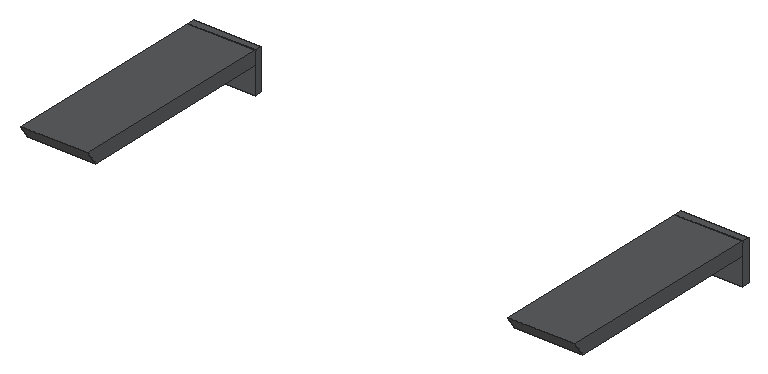
Revit family "Countertop-Supports_Centerline-Brackets_Standard-Plus-Bracket", category Casework, Revit 2026
Family settings
  Classification Number = 23.40.35.11
  Work Plane-Based = No
  Always vertical = Yes
  Cut with Voids When Loaded = No
  Shared = No
  Room Calculation Point = No
Parameters (values of type "Load Type Catalog!")
  Width [instance] = Span  # 20 1/2"
  URL = "https://www.countertopbracket.com"
  Span [instance] = if(Number of Brackets = 1, 2 1/2", (Bracket Spacing * (Number of Brackets - 1)) + 2 1/2")  # 20 1/2"
  Product data url = "https://www.bimobject.com/centerline_brackets/product/standard-plus-bracket"
  Product Material = Centerline Brackets - Steel - Powder Coated - Black (B)
  Placement Height [instance] = 36"
  No of Brackets Control [instance] = if(Number of Brackets < 2, 2, Number of Brackets)  # 2
  Number of Brackets [instance] = 2
  Model = "Standard Plus Bracket"
  Maximum Spacing [instance] = 22"  # constant formula
  Manufacturer = "Centerline Brackets"  # constant formula
  Length = 8"
  Keynote = "12000"
  Height = 1 1/2"  # constant formula
  Finish Note = "When choosing an alternative finish, please remember to update the model number to reflect the chosen finish."  # constant formula
  Finish = "Available Powder Coat Finishes; White (W), Black (B)"  # constant formula
  Description = "Standard Plus Bracket"
  Depth = 2 1/2"  # constant formula
  Default Elevation = 0"
  Control [instance] = if(Number of Brackets < 2, 0", if(Bracket Spacing > Maximum Spacing, Maximum Spacing, Bracket Spacing))  # 18"
  Bracket Spacing [instance] = 18"
  Assembly Code = "E2010200"
Reference planes (in)
  plane 1 "Center (Front/Back)": y = 0
  plane 2: z = 0
  plane 3 "Center (Left/Right)": x = 0
  plane 4: z = 36
  plane 5: z = 34.5
  plane 6: y = -8
  plane 7: x = 0
  plane 8: x = 20.5
  plane 9: x = 18
Dimensions and locks (in)
  "Placement Height": plane 4 to plane 2
  "Height": plane 4 to plane 5
  "Length": plane 1 "Center (Front/Back)" to plane 6
  "Control": plane 7 to plane 9
  "Span": plane 7 to plane 8
  group 1 to group 2 = 18"
  group 1 to group 2 = 0"  (x2)
  aligned and locked: plane 2 to level
  aligned and locked: plane 4 to nested 1  (x2)
  aligned and locked: plane 7 to plane 3 "Center (Left/Right)"
  aligned and locked: nested 1 to plane 7
  aligned and locked: plane 1 "Center (Front/Back)" to nested 1
  aligned and locked: nested 2 to plane 9
  aligned and locked: plane 1 "Center (Front/Back)" to nested 2
  aligned and locked: nested 2 to plane 5
  aligned and locked: plane 4 to nested 2  (x2)
Nested families (in)
  nested 1: "StandardPlusBracket" at (1.25, 0, 34.5), type "Geometry"
  nested 2: "StandardPlusBracket" at (19.25, 0, 34.5), type "Geometry"
Definition of nested family "StandardPlusBracket"
  Parameters (values of type "Geometry")
    URL = ""
    Product Material = none
    Manufacturer = ""
    Length = 8"
    Height = 1 1/2"
    Default Elevation = 0"
  Reference planes (in)
    plane 1 "Center (Front/Back)": y = 0
    plane 2: z = 0
    plane 3 "Center (Left/Right)": x = 0
    plane 4: y = -8
    plane 5: z = 1.5
    plane 6: x = -1.25
    plane 7: x = 1.25
    plane 8: y = -0.7
    plane 9: y = -1.42
    plane 10: y = -2.5
    plane 11: y = -3.18
    plane 12: x = -0.85
    plane 13: x = -0.5
    plane 14: x = 0.54
    plane 15: x = 0.79
    plane 16: y = -0.25
    plane 17: z = 0.5
  Forms (in)
    Extrusion 1, solid, material <- "Product Material"
      sketch origin (0, 0, 0) x (0, 1, 0) y (0, 0, 1)
        loop
          line (-0.25, 1) -> (-0.25, 1.5) -> (-8, 1.5) -> (-7.6499, 1) -> (-0.25, 1)
      from -1.25 to 1.25
    Extrusion 2, solid, material <- "Product Material"
      sketch origin (0, 0, 0) x (0, 1, 0) y (0, 0, 1)
        loop
          line (-0.25, 1.5) -> (-0.25, 0) -> (0, 0) -> (0, 1.5) -> (-0.25, 1.5)
      from -1.25 to 1.25
  Lines and regions (in)
    Masking region 1
      outline origin (0, 0, 0) x (1, 0, 0) y (0, 1, 0)
        loop
          line (-1.25, 0) -> (-1.25, -8) -> (1.25, -8) -> (1.25, 0) -> (-1.25, 0)
    symbolic lines, detail levels medium+fine
      curve 1: circle (-0.85, -0.7, 0) r 0.255 normal (0, 0, 1)
      curve 2: circle (0.54, -1.42, 0) r 0.255 normal (0, 0, 1)
      curve 3: circle (-0.5, -2.5, 0) r 0.255 normal (0, 0, 1)
      curve 4: circle (0.79, -3.18, 0) r 0.255 normal (0, 0, 1)
    model lines, detail levels medium+fine
      curve 5: circle (-0.85, -0.7, 1.5) r 0.255 normal (0, 0, 1)
      curve 6: circle (0.54, -1.42, 1.5) r 0.255 normal (0, 0, 1)
      curve 7: circle (-0.5, -2.5, 1.5) r 0.255 normal (0, 0, 1)
      curve 8: circle (0.79, -3.18, 1.5) r 0.255 normal (0, 0, 1)
      curve 9: circle (0, -0.25, 0.5) r 0.13 normal (0, -1, 0)
  Dimensions and locks (in)
    "Length": plane 1 "Center (Front/Back)" to plane 4
    "Height": plane 5 to plane 2
    locked: plane 8 to plane 1 "Center (Front/Back)" at 0.7
    locked: plane 9 to plane 1 "Center (Front/Back)" at 1.42
    locked: plane 10 to plane 1 "Center (Front/Back)" at 2.5
    locked: plane 11 to plane 1 "Center (Front/Back)" at 3.18
    locked: plane 12 to plane 7 at 2.1
    locked: plane 13 to plane 7 at 1.75
    locked: plane 14 to plane 7 at 0.71
    locked: plane 15 to plane 7 at 0.46
    locked: plane 1 "Center (Front/Back)" to plane 16 at 0.25
    locked: plane 17 to plane 5 at 1
    locked: Extrusion 1 sketch curve to plane 4 (angle 35.00°)
    aligned and locked: plane 2 to level
    aligned and locked: plane 4 to Extrusion 1 sketch curve
    aligned and locked: plane 5 to Extrusion 1 sketch curve
    aligned and locked: plane 1 "Center (Front/Back)" to Masking region 1 sketch curve
    aligned and locked: plane 4 to Masking region 1 sketch curve
    aligned and locked: plane 12 to curve 1
    aligned and locked: plane 13 to curve 3
    aligned and locked: plane 14 to curve 2
    aligned and locked: plane 15 to curve 4
    aligned and locked: plane 11 to curve 4
    aligned and locked: plane 10 to curve 3
    aligned and locked: plane 9 to curve 2
    aligned and locked: plane 8 to curve 1
    aligned and locked: Extrusion 1 to plane 16
    aligned and locked: plane 16 to Extrusion 2 sketch curve
    aligned and locked: plane 1 "Center (Front/Back)" to Extrusion 2 sketch curve
    aligned and locked: plane 5 to Extrusion 2 sketch curve
    aligned and locked: level to Extrusion 2 sketch curve
    aligned and locked: Extrusion 2 to plane 6
    aligned and locked: plane 7 to Extrusion 2
  Automatic sketch dimensions
    plane 4 to Extrusion 1 sketch curve = 0.3501"
    plane 1 "Center (Front/Back)" to Extrusion 1 sketch curve = 1/4"
    Masking region 1 sketch curve to plane 3 "Center (Left/Right)" = 1 1/4"
    plane 3 "Center (Left/Right)" to Masking region 1 sketch curve = 1 1/4"
    curve 8 to plane 11 = 0"
    curve 7 to plane 10 = 0"
    curve 6 to plane 9 = 0"
    curve 5 to plane 8 = 0"
    curve 8 to plane 15 = 0"
    curve 6 to plane 14 = 0"
    curve 7 to plane 13 = 0"
    curve 5 to plane 12 = 0"
    Extrusion 2 to curve 9 = 1/2"
    Extrusion 2 to curve 9 = 1 1/4"
    radius of curve 1 = 0.255"
    radius of curve 2 = 0.255"
    radius of curve 3 = 0.255"
    radius of curve 4 = 0.255"
    radius of curve 5 = 0.255"
    radius of curve 6 = 0.255"
    radius of curve 7 = 0.255"
    radius of curve 8 = 0.255"
    radius of curve 9 = 0.13"
